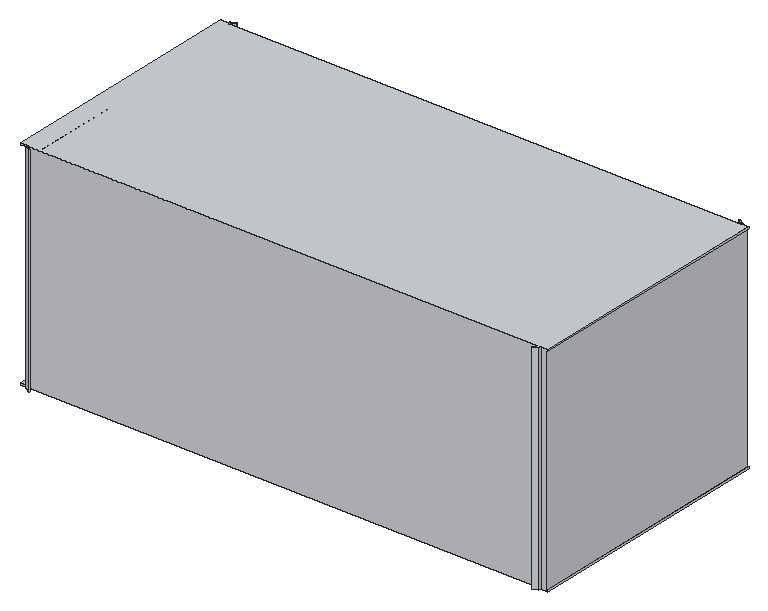
Revit family
Parameters (values of type "Inlet Size 300")
  URL = "http://www.productspec.net/products/29690/holyoake-industries/control-volume-assemblies-hcv.aspx"
  Type Comments = "Variable Air Volume Noise Attenuator"  # constant formula
  Model = "VAV - Attenuator"  # constant formula
  Min Flow = 0.0 L/s
  Max Flow = 0.0 L/s
  Manufacturer = "Holyoake Industries Ltd"  # constant formula
  K = 266.0 mm
  J = 325.0 mm
  Insulation [instance] = none
  Engineering Data [instance] = "http://www.productspec.net/nas/TechnicalFiles/2367/p29690/G7-G13%20HCV%20Performance.pdf"
  Description = "An HCV terminal can consist of a basic unit alone or with any combination of accessories."  # constant formula
  Created By = "Productspec Ltd"  # constant formula
  Extruded Fairing = Aluminium - Holyoake
  Attenuator Body [instance] = none
  H = 369.0 mm
  Author = "Zinder Zhao"  # constant formula
  G = 428.0 mm
  Air Flow [instance] = 0.0 L/s
Types (8, lengths in mm): name | K | J | H | G
  (no name) | 266.0 | 325.0 | 369.0 | 428.0
  Inlet Sizes 100, 125 & 150 | 120.0 | 183.0 | 223.0 | 286.0
  Inlet Size 400 | 339.0 | 533.0 | 442.0 | 636.0
  Inlet Size 350 | 295.0 | 409.0 | 398.0 | 512.0
  Inlet Size 300 | 266.0 | 325.0 | 369.0 | 428.0
  Inlet Sizes 250 | 193.0 | 325.0 | 296.0 | 428.0
  Inlet Sizes 175, 200 & 225 | 193.0 | 183.0 | 296.0 | 286.0
  Inlet Size 600*400 | 339.0 | 862.0 | 442.0 | 965.0
Reference planes
  plane 1 "Center (Front/Back)": y = 0
  plane 2 "Bottom": z = 0
  plane 3 "Center (Left/Right)": x = 0
  plane 4: y = 214
  plane 5: y = -214
  plane 6 "Right": x = 438
  plane 7 "Left": x = -438
  plane 8 "Top": z = 369
  plane 9: z = 184.5
  plane 10: z = 51.5
  plane 11: z = 317.5
  plane 12: y = 162.5
  plane 13: y = -162.5
  plane 14 "Insulation": x = -250
Forms (mm)
  Extrusion 1, solid, material <- "Attenuator Body"
    sketch origin (-438, 0, 0) x (0, 1, 0) y (0, 0, 1)
      loop
        line (214, 369) -> (-214, 369) -> (-214, 0) -> (214, 0) -> (214, 369)
      loop
        line (212, 367) -> (-212, 367) -> (-212, 2) -> (212, 2) -> (212, 367)
    from 0 to 876
  Extrusion 2, solid, material <- "Attenuator Body"
    sketch origin (438, 0, 0) x (0, 1, 0) y (0, 0, 1)
      loop
        line (214, 369) -> (-214, 369) -> (-214, 367) -> (214, 367) -> (214, 369)
      loop
        line (214, 0) -> (214, 2) -> (-214, 2) -> (-214, 0) -> (214, 0)
    from 0 to 12
  Extrusion 3, solid, material <- "Attenuator Body"
    sketch origin (0, 0, 0) x (1, 0, 0) y (0, 1, 0)
      loop
        line (438, -214) -> (436, -214) -> (436, -215.923) -> (428.34, -220.345) -> (429.34, -222.077) -> (438, -217.077) -> (438, -214)
      loop
        line (438, 214) -> (438, 217.077) -> (429.34, 222.077) -> (428.34, 220.345) -> (436, 215.923) -> (436, 214) -> (438, 214)
    from 0 to 369 <- "H"
  Extrusion 4, solid, material <- "Attenuator Body"
    sketch origin (522.5, 0, 0) x (0, 1, 0) y (0, 0, 1)
      loop
        line (214, 369) -> (-214, 369) -> (-214, 0) -> (214, 0) -> (214, 369)
    from -74.5 to -84.5
  Extrusion 5, solid, material <- "Attenuator Body"
    sketch origin (-438, 0, 0) x (0, 1, 0) y (0, 0, -1)
      loop
        line (214, -369) -> (214, -367) -> (-214, -367) -> (-214, -369) -> (214, -369)
      loop
        line (214, 0) -> (-214, 0) -> (-214, -2) -> (214, -2) -> (214, 0)
    from 0 to 12
  Extrusion 6, solid, material <- "Attenuator Body"
    sketch origin (0, 0, 0) x (-1, 0, 0) y (0, -1, 0)
      loop
        line (438, 214) -> (438, 217.077) -> (429.34, 222.077) -> (428.34, 220.345) -> (436, 215.923) -> (436, 214) -> (438, 214)
      loop
        line (438, -214) -> (436, -214) -> (436, -215.923) -> (428.34, -220.345) -> (429.34, -222.077) -> (438, -217.077) -> (438, -214)
    from 0 to 369 <- "H"
  Extrusion 7, solid, material "Aluminium - Holyoake" <- "Extruded Fairing", detail levels medium+fine
    sketch origin (-438, 0, 0) x (0, 1, 0) y (0, 0, 1)
      loop
        line (162.5, 317.5) -> (-162.5, 317.5) -> (-162.5, 51.5) -> (162.5, 51.5) -> (162.5, 317.5)
      loop
        line (212, 367) -> (-212, 367) -> (-212, 2) -> (212, 2) -> (212, 367)
    from 0 to 20
  Blend 8, void
    base sketch origin (-438, 0, 0) x (0, 1, 0) y (0, 0, 1)
      loop
        line (177.5, 332.5) -> (-177.5, 332.5) -> (-177.5, 36.5) -> (177.5, 36.5) -> (177.5, 332.5)
    top sketch origin (-438, 0, 0) x (0, 1, 0) y (0, 0, 1)
      loop
        line (162.5, 317.5) -> (-162.5, 317.5) -> (-162.5, 51.5) -> (162.5, 51.5) -> (162.5, 317.5)
    from 0 to 20
  Extrusion 9, solid, material <- "Insulation"
    sketch origin (-250, 0, 0) x (0, 1, 0) y (0, 0, 1)
      loop
        line (-212, 367) -> (-212, 2) -> (212, 2) -> (212, 367) -> (-212, 367)
    from 0 to 50
Cuts and joins
  joined: Extrusion 1, Extrusion 2, Extrusion 3, Extrusion 4, Extrusion 5, Extrusion 6
  Blend 8 cuts Extrusion 7
Dimensions and locks
  equal spacing: plane 8 "Top", plane 9, plane 2 "Bottom"
  "H": plane 8 "Top" to plane 2 "Bottom"
  "G": plane 4 to plane 5
  equal spacing: plane 4, plane 1 "Center (Front/Back)", plane 5
  equal spacing: plane 7 "Left", plane 3 "Center (Left/Right)", plane 6 "Right"
  locked: Blend 8 sketch curve to plane 12 at 15
  locked: Blend 8 sketch curve to plane 10 at 15
  locked: plane 13 to Blend 8 sketch curve at 15
  locked: Blend 8 sketch curve to plane 11 at 15
  equal spacing: plane 12, plane 1 "Center (Front/Back)", plane 13
  "J": plane 12 to plane 13
  equal spacing: plane 11, plane 9, plane 10
  "K": plane 11 to plane 10
  Extrusion 9 to Extrusion 9 = 50.0 mm
  cut or joined group of Extrusion 1, Extrusion 2, Extrusion 3, Extrusion 4, Extrusion 5, Extrusion 6 to plane 7 "Left" = 12.0 mm
  plane 6 "Right" to cut or joined group of Extrusion 1, Extrusion 2, Extrusion 3, Extrusion 4, Extrusion 5, Extrusion 6 = 12.0 mm
  locked: plane 7 "Left" to plane 6 "Right" at 876
  aligned and locked: plane 4 to Extrusion 1 sketch curve
  aligned and locked: plane 8 "Top" to Extrusion 1 sketch curve
  aligned and locked: level to Extrusion 1 sketch curve
  aligned and locked: plane 5 to Extrusion 1 sketch curve
  aligned and locked: plane 6 "Right" to Extrusion 1
  aligned and locked: Extrusion 2 sketch curve to plane 8 "Top"
  aligned and locked: plane 4 to Extrusion 2 sketch curve
  aligned and locked: Extrusion 2 sketch curve to plane 5  (x2)
  aligned and locked: Extrusion 1 to Extrusion 2 sketch curve
  aligned and locked: Extrusion 2 sketch curve to Extrusion 1
  aligned and locked: plane 5 to Extrusion 3 sketch curve
  aligned and locked: Extrusion 3 sketch curve to plane 6 "Right"
  aligned and locked: plane 6 "Right" to Extrusion 3 sketch curve
  aligned and locked: plane 4 to Extrusion 3 sketch curve
  aligned and locked: Extrusion 7 to plane 7 "Left"
  aligned and locked: plane 6 "Right" to Extrusion 4
  aligned and locked: Extrusion 7 sketch curve to plane 11
  aligned and locked: plane 12 to Extrusion 7 sketch curve
  aligned and locked: Extrusion 7 sketch curve to plane 13
  aligned and locked: plane 10 to Extrusion 7 sketch curve
  aligned and locked: plane 7 "Left" to Extrusion 7  (x4)
  aligned and locked: Blend 8 sketch curve to Extrusion 7  (x4)
  aligned and locked: Extrusion 7 sketch curve to cut or joined group of Extrusion 1, Extrusion 2, Extrusion 3, Extrusion 4, Extrusion 5, Extrusion 6  (x2)
  aligned and locked: cut or joined group of Extrusion 1, Extrusion 2, Extrusion 3, Extrusion 4, Extrusion 5, Extrusion 6 to Extrusion 7 sketch curve  (x2)
  aligned and locked: cut or joined group of Extrusion 1, Extrusion 2, Extrusion 3, Extrusion 4, Extrusion 5, Extrusion 6 to Extrusion 9 sketch curve  (x2)
  aligned and locked: Extrusion 9 sketch curve to cut or joined group of Extrusion 7, Blend 8  (x2)
Automatic sketch dimensions
  Extrusion 1 sketch curve to plane 5 = 2.0 mm
  plane 4 to Extrusion 1 sketch curve = 2.0 mm
  level to Extrusion 1 sketch curve = 2.0 mm
  Extrusion 1 sketch curve to plane 8 "Top" = 2.0 mm
  level to Extrusion 2 sketch curve = 2.0 mm
  Extrusion 2 sketch curve to plane 8 "Top" = 2.0 mm
  Extrusion 3 sketch curve to Extrusion 3 sketch curve = 2.0 mm
  Extrusion 3 sketch curve to plane 6 "Right" = 2.0 mm
  Extrusion 3 sketch curve to plane 6 "Right" = 8.66 mm  (x2)
  plane 5 to Extrusion 3 sketch curve = 6.345 mm
  Extrusion 3 sketch curve to Extrusion 3 sketch curve = 1.0 mm  (x2)
  Extrusion 3 sketch curve to plane 4 = 6.345 mm
  Extrusion 3 sketch curve to Extrusion 3 sketch curve = 1.732 mm
  Extrusion 3 sketch curve to Extrusion 3 sketch curve = 1.923 mm
  Extrusion 4 sketch curve to plane 5 = 0.0 mm
  Extrusion 4 sketch curve to level = 0.0 mm
  Extrusion 4 sketch curve to plane 4 = 0.0 mm
  Extrusion 4 sketch curve to plane 8 "Top" = 0.0 mm
  Extrusion 5 sketch curve to plane 5 = 0.0 mm  (x2)
  Extrusion 5 sketch curve to plane 4 = 0.0 mm  (x2)
  Extrusion 5 sketch curve to plane 8 "Top" = 0.0 mm
  Extrusion 5 sketch curve to level = 0.0 mm
  Extrusion 5 sketch curve to Extrusion 5 sketch curve = 2.0 mm
  level to Extrusion 5 sketch curve = 2.0 mm
  Extrusion 6 sketch curve to plane 5 = 0.0 mm
  Extrusion 6 sketch curve to plane 4 = 0.0 mm
  Extrusion 6 sketch curve to plane 7 "Left" = 0.0 mm  (x2)
  Extrusion 6 sketch curve to Extrusion 6 sketch curve = 2.0 mm
  Extrusion 6 sketch curve to plane 7 "Left" = 2.0 mm
  Extrusion 6 sketch curve to plane 7 "Left" = 8.66 mm  (x2)
  Extrusion 6 sketch curve to plane 5 = 6.345 mm
  Extrusion 6 sketch curve to Extrusion 6 sketch curve = 1.0 mm  (x2)
  plane 4 to Extrusion 6 sketch curve = 6.345 mm
  Extrusion 6 sketch curve to Extrusion 6 sketch curve = 1.732 mm
  Extrusion 6 sketch curve to Extrusion 6 sketch curve = 1.923 mm
Connectors
  hvac at (-438, 0, 184.5), driven by "Air Flow", driven by "H", driven by "G"
    settings: on cut or joined group of Extrusion 7, Blend 8, index 1
  hvac at (448, 0, 184.5), driven by "Air Flow", driven by "H", driven by "G"
    settings: on cut or joined group of Extrusion 1, Extrusion 2, Extrusion 3, Extrusion 4, Extrusion 5, Extrusion 6, index 2
